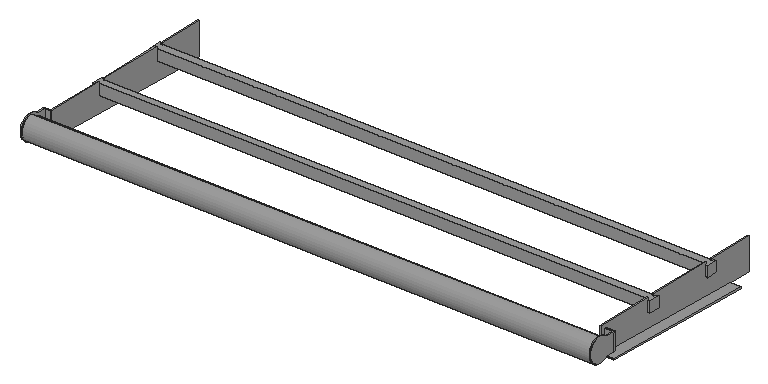
Revit family "17.5 Shelf", category Generic Models, Revit 2012
Parameters (values of type "Gear Boss Shelf 17 1/2"")
  Width = 48"
  URL = "http://www.wengercorp.com/Home/Contact.html"
  Shelf Visibility [instance] = yes
  Shelf Material = Aluminium Metal
  Part Number = "241A020"
  Model = "GEARBOSS SHELF 17 1/2\""
  Manufacturer = "Wenger Coproration"
  Description = "GEARBOSS ATHLETIC SHELVING"
  Depth = 17.85"
Reference planes (in)
  plane 1 "Center (Front/Back)": y = 0
  plane 2: z = 0
  plane 3 "Center (Left/Right)": x = 0
  plane 4: x = -24
  plane 5: y = -17.85
  plane 6: y = -0.375
  plane 7: x = -23.81
  plane 8: x = -23.7
  plane 9: x = -22.99
  plane 10: x = -22.88
  plane 11: x = 23.81
  plane 12: x = 23.7
  plane 13: x = 22.99
  plane 14: x = 22.88
  plane 15: z = 1.69
  plane 16: x = 24
Forms (in)
  Extrusion 1, solid, material "Aluminium Metal" <- "Shelf Material", visible <- "Shelf Visibility"
    sketch origin (-22.99, 4.08598, 48) x (0, 1, 0) y (0, 0, 1)
      loop
        line (-4.46098, -48) -> (-4.46098, -45.31) -> (-8.27098, -45.31) -> (-8.27098, -46.31) -> (-8.90098, -46.31) -> (-8.90098, -45.31) -> (-14.28098, -45.31) -> (-14.28098, -46.31) -> (-14.91098, -46.31) -> (-14.91098, -45.31) -> (-19.79098, -45.31) -> (-19.79098, -47.499) -> (-6.46098, -48) -> (-4.46098, -48)
    from 0 to 0.11
  Extrusion 2, solid, material "Aluminium Metal" <- "Shelf Material", visible <- "Shelf Visibility"
    sketch origin (22.99, 4.08598, 48) x (0, 1, 0) y (0, 0, -1)
      loop
        line (-4.46098, 48) -> (-6.46098, 48) -> (-19.79098, 47.499) -> (-19.79098, 45.31) -> (-14.91098, 45.31) -> (-14.91098, 46.31) -> (-14.28098, 46.31) -> (-14.28098, 45.31) -> (-8.90098, 45.31) -> (-8.90098, 46.31) -> (-8.27098, 46.31) -> (-8.27098, 45.31) -> (-4.46098, 45.31) -> (-4.46098, 48)
    from 0 to 0.11
  Extrusion 3, solid, material "Aluminium Metal" <- "Shelf Material", visible <- "Shelf Visibility"
    sketch origin (0, 0.11478, 0) x (1, 0, 0) y (0, 1, 0)
      loop
        line (-22.99, -15.56978) -> (-22.99, -15.455) -> (-23.81, -15.455) -> (-23.81, -15.56978) -> (-22.99, -15.56978)
    from 0.94 to 2.44
  Extrusion 4, solid, material "Aluminium Metal" <- "Shelf Material", visible <- "Shelf Visibility"
    sketch origin (0, 0.11478, 0) x (-1, 0, 0) y (0, -1, 0)
      loop
        line (-22.99, 15.56978) -> (-23.81, 15.56978) -> (-23.81, 15.455) -> (-22.99, 15.455) -> (-22.99, 15.56978)
    from 0.94 to 2.44
  Extrusion 5, solid, material "Aluminium Metal" <- "Shelf Material", visible <- "Shelf Visibility"
    sketch origin (-23.81, 4.08598, 48) x (0, 1, 0) y (0, 0, 1)
      loop
        line (-19.54098, -47.06) -> (-19.54098, -45.56) -> (-20.27098, -45.56)
        arc (-20.27098, -45.56) -> (-21.93962, -46.31) -> (-20.27098, -47.06) r 1.00287
        line (-20.27098, -47.06) -> (-19.54098, -47.06)
    from 0 to 0.11
  Extrusion 6, solid, material "Aluminium Metal" <- "Shelf Material", visible <- "Shelf Visibility"
    sketch origin (23.81, 4.08598, 48) x (0, 1, 0) y (0, 0, -1)
      loop
        line (-19.54098, 47.06) -> (-20.27098, 47.06)
        arc (-20.27098, 47.06) -> (-21.93962, 46.31) -> (-20.27098, 45.56) r 1.00287
        line (-20.27098, 45.56) -> (-19.54098, 45.56) -> (-19.54098, 47.06)
    from 0 to 0.11
  Extrusion 7, solid, material "Aluminium Metal" <- "Shelf Material", visible <- "Shelf Visibility"
    sketch origin (0, -4.185, 1.69) x (0, 1, 0) y (-1, 0, 0)
      loop
        line (0, -22.99) -> (0, 22.99) -> (0.12601, 22.99) -> (0.12601, 23.24) -> (-0.75923, 23.24) -> (-0.75923, 22.99) -> (-0.63, 22.99) -> (-0.63, -22.99) -> (-0.75923, -22.99) -> (-0.75923, -23.24) -> (0.12601, -23.24) -> (0.12601, -22.99) -> (0, -22.99)
    from 0 to 0.88
  Extrusion 8, solid, material "Aluminium Metal" <- "Shelf Material", visible <- "Shelf Visibility"
    sketch origin (0, -4.185, 1.69) x (0, 1, 0) y (-1, 0, 0)
      loop
        line (-6.00839, -22.99) -> (-6.00839, 22.99) -> (-5.88238, 22.99) -> (-5.88238, 23.24) -> (-6.76762, 23.24) -> (-6.76762, 22.99) -> (-6.63839, 22.99) -> (-6.63839, -22.99) -> (-6.76762, -22.99) -> (-6.76762, -23.24) -> (-5.88238, -23.24) -> (-5.88238, -22.99) -> (-6.00839, -22.99)
    from 0 to 0.88
  Extrusion 9, solid, material "Aluminium Metal" <- "Shelf Material", visible <- "Shelf Visibility"
    sketch origin (-23.7, 4.08598, 48) x (0, 1, 0) y (0, 0, 1)
      loop
        line (-20.93675, -47.31287) -> (-20.93675, -46.93287) -> (-20.37675, -46.93287) -> (-20.37675, -45.68713) -> (-20.93675, -45.68713) -> (-20.93675, -45.30713)
        arc (-20.93675, -45.30713) -> (-21.93962, -46.31) -> (-20.93675, -47.31287) r 1.00287
      loop
        line (-21.04675, -45.79713) -> (-21.04675, -45.42393)
        arc (-21.04675, -45.42393) -> (-21.82962, -46.31) -> (-21.04675, -47.19607) r 0.89287
        line (-21.04675, -47.19607) -> (-21.04675, -46.82287) -> (-20.48675, -46.82287) -> (-20.48675, -45.79713) -> (-21.04675, -45.79713)
    from 0 to 47.4
  Extrusion 10, solid, material "Aluminium Metal" <- "Shelf Material", visible <- "Shelf Visibility"
    sketch origin (-24, 49.22261, 48) x (0, 1, 0) y (0, 0, 1)
      loop
        line (-51.59761, -48) -> (-51.59348, -47.89008) -> (-64.92348, -47.38908) -> (-64.92761, -47.499) -> (-51.59761, -48)
    from 0 to 1.11
  Extrusion 11, solid, material "Aluminium Metal" <- "Shelf Material", visible <- "Shelf Visibility"
    sketch origin (24, -17.85, 48) x (0, -1, 0) y (0, 0, 1)
      loop
        line (-15.475, -48) -> (-2.145, -47.499) -> (-2.14913, -47.38908) -> (-15.47913, -47.89008) -> (-15.475, -48)
    from 0 to 1
Dimensions and locks (in)
  plane 4 to plane 3 "Center (Left/Right)" = 24"
  "Depth": plane 5 to plane 1 "Center (Front/Back)"
  locked: plane 6 to plane 1 "Center (Front/Back)" at 0.375
  locked: plane 4 to plane 7 at 0.19
  locked: plane 7 to plane 8 at 0.11
  locked: plane 8 to plane 9 at 0.71
  locked: plane 9 to plane 10 at 0.11
  locked: plane 11 to plane 12 at 0.11
  locked: plane 12 to plane 13 at 0.71
  locked: plane 13 to plane 14 at 0.11
  plane 11 to plane 16 = 0.19"
  aligned and locked: plane 2 to level
  aligned and locked: plane 7 to Extrusion 3 sketch curve
  aligned and locked: plane 9 to Extrusion 3 sketch curve
  aligned and locked: Extrusion 4 sketch curve to plane 13
  aligned and locked: Extrusion 4 sketch curve to plane 11
  aligned and locked: Extrusion 9 to plane 12
Automatic sketch dimensions
  Extrusion 1 sketch curve to plane 15 = 0"  (x2)
  Extrusion 1 sketch curve to level = 0"
  Extrusion 1 sketch curve to plane 6 = 0"
  Extrusion 1 sketch curve to Extrusion 1 sketch curve = 2"
  plane 15 to Extrusion 1 sketch curve = 1"  (x2)
  Extrusion 1 sketch curve to Extrusion 1 sketch curve = 1.81"
  Extrusion 1 sketch curve to Extrusion 1 sketch curve = 0.63"  (x2)
  Extrusion 1 sketch curve to Extrusion 1 sketch curve = 5.38"
  level to Extrusion 1 sketch curve = 0.501"
  plane 5 to Extrusion 1 sketch curve = 2.145"
  Extrusion 1 sketch curve to Extrusion 1 sketch curve = 0"
  Extrusion 2 sketch curve to plane 15 = 0"  (x2)
  Extrusion 2 sketch curve to level = 0"
  Extrusion 2 sketch curve to plane 6 = 0"
  plane 6 to Extrusion 2 sketch curve = 2"
  Extrusion 2 sketch curve to plane 15 = 1"  (x2)
  Extrusion 2 sketch curve to Extrusion 2 sketch curve = 1.81"
  Extrusion 2 sketch curve to Extrusion 2 sketch curve = 0.63"  (x2)
  Extrusion 2 sketch curve to Extrusion 2 sketch curve = 5.38"
  Extrusion 2 sketch curve to level = 0.501"
  Extrusion 2 sketch curve to plane 5 = 2.145"
  Extrusion 2 sketch curve to Extrusion 2 sketch curve = 0"
  plane 5 to Extrusion 3 sketch curve = 2.395"
  Extrusion 3 sketch curve to Extrusion 3 sketch curve = 0.11478"
  Extrusion 4 sketch curve to plane 5 = 2.395"
  Extrusion 4 sketch curve to Extrusion 4 sketch curve = 0.11478"
  Extrusion 5 sketch curve to plane 15 = 0"
  plane 5 to Extrusion 5 sketch curve = 0.99923"
  Extrusion 5 sketch curve to Extrusion 5 sketch curve = 0.66577"  (x2)
  Extrusion 5 sketch curve to Extrusion 5 sketch curve = 0.73"
  Extrusion 5 sketch curve to plane 15 = 0.75"
  Extrusion 6 sketch curve to plane 15 = 0"
  Extrusion 6 sketch curve to plane 5 = 0.99923"
  Extrusion 6 sketch curve to Extrusion 6 sketch curve = 0.66577"  (x2)
  Extrusion 6 sketch curve to Extrusion 6 sketch curve = 0.73"
  plane 15 to Extrusion 6 sketch curve = 0.75"
  Extrusion 7 sketch curve to plane 9 = 0"  (x2)
  Extrusion 7 sketch curve to plane 13 = 0"  (x2)
  Extrusion 7 sketch curve to plane 6 = 4.56923"  (x2)
  Extrusion 7 sketch curve to Extrusion 7 sketch curve = 0.12923"
  Extrusion 7 sketch curve to Extrusion 7 sketch curve = 0.63"
  Extrusion 7 sketch curve to Extrusion 7 sketch curve = 0.12601"  (x2)
  Extrusion 7 sketch curve to plane 13 = 0.25"
  Extrusion 7 sketch curve to plane 9 = 0.25"
  Extrusion 8 sketch curve to plane 9 = 0"  (x2)
  Extrusion 8 sketch curve to plane 13 = 0"  (x2)
  plane 5 to Extrusion 8 sketch curve = 6.89738"  (x2)
  Extrusion 8 sketch curve to Extrusion 8 sketch curve = 0.12923"
  Extrusion 8 sketch curve to Extrusion 8 sketch curve = 0.63"
  Extrusion 8 sketch curve to Extrusion 8 sketch curve = 0.12601"  (x2)
  Extrusion 8 sketch curve to plane 13 = 0.25"
  Extrusion 8 sketch curve to plane 9 = 0.25"
  Extrusion 9 sketch curve to Extrusion 9 sketch curve = 0"  (x2)
  Extrusion 9 sketch curve to plane 15 = 0"
  plane 5 to Extrusion 9 sketch curve = 0.88923"  (x2)
  Extrusion 9 sketch curve to Extrusion 9 sketch curve = 0.11"  (x4)
  Extrusion 9 sketch curve to Extrusion 9 sketch curve = 0.45"
  Extrusion 9 sketch curve to plane 15 = 0.51287"
  Extrusion 9 sketch curve to Extrusion 9 sketch curve = 0.2632"
  Extrusion 9 sketch curve to Extrusion 9 sketch curve = 0.1168"
  plane 15 to Extrusion 9 sketch curve = 0.51287"
  Extrusion 10 sketch curve to level = 0"
  level to Extrusion 10 sketch curve = 0.501"
  plane 5 to Extrusion 10 sketch curve = 2.145"
  level to Extrusion 10 sketch curve = 0.61092"
  Extrusion 10 sketch curve to Extrusion 10 sketch curve = 0.00413"
  Extrusion 11 sketch curve to level = 0"
  level to Extrusion 11 sketch curve = 0.10992"
  Extrusion 11 sketch curve to plane 6 = 1.99587"
  Extrusion 11 sketch curve to Extrusion 11 sketch curve = 0.00413"
  level to Extrusion 11 sketch curve = 0.61092"
